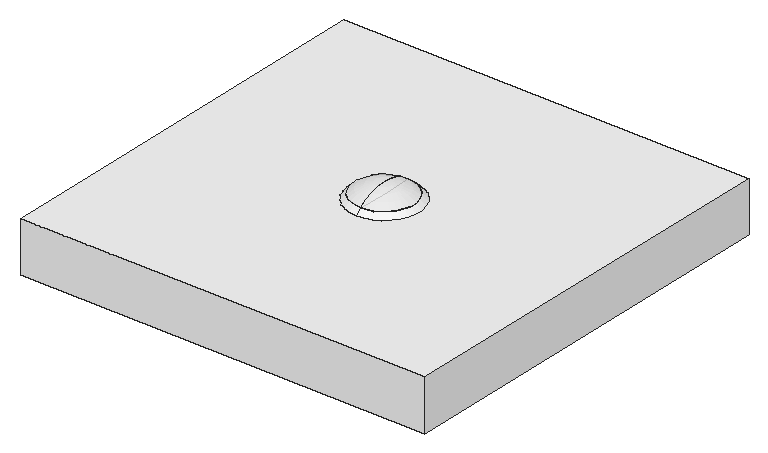
Revit family "Sarlam_Eclairage_Hublot_Chartres_Infini_T2_Diam_420mm_4000Lm", category Luminaires, Revit 2020
Family settings
  Hôte = Face
  Cote de connecteur circulaire = Utiliser le diamètre
  Type d'élément = Normal
  Couper avec des vides une fois chargée = Non
  Source d'éclairage = Oui
  Partagée = Non
  Point de calcul de pièce = Non
Parameters (values of type "ON/OFF BLANC")
  Zone plafond formes 1à7 [instance] = and(not(Diamètre externe = 328 mm), or([Standard Formes 1-3-6]), not([Afficher la zone de détection-pose murale]), [Afficher la zone de détection-pose plafond])  # no
  Zone murale formes 1à7 [instance] = and(not(Diamètre externe = 328 mm), or([Standard Formes 1-3-6]), [Afficher la zone de détection-pose murale], not([Afficher la zone de détection-pose plafond]))  # no
  Zone de détection = ""
  URL = "http://www.legrandoc.com/SL532088"
  Type de variation = "Non régulable"
  Type de tension = "CA"
  Tension nominale (Un) V MIN = 207
  Tension nominale (Un) V MAX = 253
  built-in parameter 1150107 = 3200 (stored number, unit not read)
  Température de couleur K MIN = 4000
  Température de couleur K MAX = 4000
  Standard Formes 1-3-6 = yes
  Source lumineuse = "Led non interchangeable"
  Répartition lumineuse = "Symétrique"
  Puissance du système W = 0
  Puissance de la source lumineuse W = ""
  Puissance de la lampe en Multiwatt = "35/49W"
  Wattage = 9.2903 W
  built-in parameter 1150110 = 1 (stored number, unit not read)
  built-in parameter 1150109 = 1 (stored number, unit not read)
  built-in parameter 1114218 = 1 (stored number, unit not read)
  built-in parameter 1150113 = 1 (stored number, unit not read)
  built-in parameter 1150112 = 1 (stored number, unit not read)
  built-in parameter 1150137 = (empty or 0)
  built-in parameter 1150132 = (empty or 0)
  Modèle = "SL-532088"
  Longueur d'encastrement = 0 mm
  Longueur = 420 mm
  Largeur d'encastrement = 420 mm
  Largeur = 420 mm
  built-in parameter 1150105 = 109.82 (stored number, unit not read)
  built-in parameter 1150102 = (empty or 0)
  Hauteur/profondeur d'encastrement = 0 mm
  Hauteur/profondeur = 90 mm
  Dimming Lamp Color Temperature Shift = (empty or 0)
  Lumens = 1380 lm
  Color Filter = 16777215
  Fichier de distribution photométrique = "SL532088.ies"
  built-in parameter 1114217 = 1 (stored number, unit not read)
  built-in parameter 1150139 = (empty or 0)
  Fabricant = "LEGRAND"
  Emettre à partir du diamètre du cercle = 300 mm
  Emettre la visibilité des formes dans le rendu = no
  built-in parameter 1150104 = 13.8 (stored number, unit not read)
  built-in parameter 1150106 = 1.0982 (stored number, unit not read)
  built-in parameter 1150115 = 1 (stored number, unit not read)
  built-in parameter 1150114 = 1 (stored number, unit not read)
  Diamètre externe = 420 mm
  Diamètre d'encastrement = 0 mm
  Description = "CHARTRES INFINI 4500LM 4000K STANDARD ON/OFF BLANC"
  built-in parameter 1150138 = (empty or 0)
  built-in parameter 1150134 = 3
  Condition Générale d'Utilisation = "https://export.legrand.com/CGU-objets-BIM"
  Angle de l'inclinaison = 0.00°
  Afficher la zone de détection-pose plafond [instance] = no
  Afficher la zone de détection-pose murale [instance] = no
  Matériau du boîtier/corps = Plastique
  Indice de rendu des couleurs CRI = "80-89"
  Indice de protection contre les chocs (IK) = "IK10"
  Indice de protection (IP) = "IP55"
  Flux lumineux utile lm = 4000
  Elévation par défaut = 2500 mm
  Douille = "Sans"
  Courant nominal mA MIN = 0
  Courant nominal mA MAX = 0
  Couleur du boîtier/corps = LEGRAND - Blanc
  Classe de protection = "II"
  Avec détecteur de mouvement = no
  Avec détecteur crépusculaire = no
  Appareillage = "Appareil à LED commandé en courant"
  Angle du faisceau = "Faisceau libre"
  Afficher l'étiquette de zone [instance] = no
  Adapté à une suspension = no
  Adapté à un montage encastré = no
  Adapté à un montage en saillie = yes
  Adapté à un montage en applique = yes
  Adapté à un montage au plafond = yes
  built-in parameter 1150133 = 10 (stored number, unit not read)
Types (2, lengths in mm): name | Zone de détection | URL | Type de variation | Modèle | Description | Avec détecteur de mouvement | Avec détecteur crépusculaire
  ON/OFF BLANC | "" | "http://www.legrandoc.com/SL532088" | "Non régulable" | "SL-532088" | "CHARTRES INFINI 4500LM 4000K STANDARD ON/OFF BLANC" | no | no
  Détection BLANC | "Détection à 2,5m haut Plafond: Ø6m maxi Mur: Ellipse 16*17m" | "http://www.legrandoc.com/SL532089" | "Autre" | "SL-532089" | "CHARTRES INFINI 4500LM 4000K  STANDARD DETECTION HF BLANC" | yes | yes
Reference planes
  plane 1 "Centre (avant/arrière)": y = 0
  plane 2: z = 0
  plane 3 "Centre (gauche/droite)": x = 0
  plane 4: z = 110
Forms (mm)
  Extrusion 1, solid, material "Blanc"
    sketch origin (0, 0, 0) x (1, 0, 0) y (0, 1, 0)
      loop
        line (-1219.2, 1219.2) -> (-1219.2, -1219.2) -> (1219.2, -1219.2) -> (1219.2, 1219.2) -> (-1219.2, 1219.2)
    from 0 to -304.8
Lines and regions (mm)
  model lines, not visible
    curve 1: line (0, 0, 0) -> (0, 0, 2230)
    curve 2: line (0, 0, 0) -> (0, 3300, 0)
    curve 3: line (0, 0, 0) -> (-2620, 0, 0)
Dimensions and locks
  level to plane 4 = 110 mm
  aligned and locked: plane 2 to Extrusion 1
  aligned and locked: level to Extrusion 1
  aligned and locked: imposter light to plane 4
  aligned and locked: plane 3 "Centre (gauche/droite)" to imposter light
Nested families
  nested 1: "Zone de détection murale Chartres-Astreo" at (0, 0, 0) x (0, 0, 1) z (0, -1, 0), visible <- "Afficher la zone de détection-pose murale", type "Zone de détection murale"
  nested 2: "Formes 1-2-3-4-6-7-8-9" at (0, 0, 0), type "Formes"
    with Standard Formes 1-3-6 yes, Fl 90 mm, Dimension hublot 179.2 mm, Diamètre total 420 mm, Courbure 290 mm
  nested 3: "Zone de détection plafond Chartres-Astreo" at (0, 0, 2500), visible <- "Afficher la zone de détection-pose plafond", type "Zone de détection plafond"
    with Zone plafond Formes 8à9 no
  nested 4: "Zone de détection murale Chartres-Astreo" at (0, 0, 0) x (0, 0, 1) z (1, 0, 0), visible <- "Afficher la zone de détection-pose murale", type "Zone de détection murale"
  nested 5: "Etiquette de zone" at (-30, 265, 0) x (-1, 0, 0) z (0, 0, 1), visible <- "Afficher l'étiquette de zone", type "Etiquette de zone"
Connectors
  electrical at (0, 0, 0)
    settings: on nested 2, index 1, voltage 230 V, apparent load 0 VA, apparent load phase1 0 VA, apparent load phase2 0 VA, apparent load phase3 0 VA, power factor 1, load classification "Eclairage", number of poles 1, system type 30, power factor state 1, is connector primary yes, connector utility no, sub classification motor no, connector description ""
Definition of nested family "Formes 1-2-3-4-6-7-8-9"
  Parameters (values of type "Formes")
    Standard Forme 8 = no
    Standard Formes 1-3-6 = no
    Matériau hublot = none
    Matériau corps = none
    Fl = if(Diamètre total < 325 mm, 70 mm, if(Diamètre total = 328 mm, 107 mm, 90 mm))  # 107 mm
    Default Elevation = 0 mm
    Dimension hublot = if(Diamètre total = 300 mm, 121.1 mm, if(Diamètre total = 322 mm, 129.3 mm, if(Diamètre total = 328 mm, 148.6 mm, if(Diamètre total = 420 mm, 179.2 mm, 185.3 mm))))  # 148.6 mm
    Diamètre total = 328 mm
    Courbure = if(Diamètre total = 300 mm, 195.7 mm, if(Diamètre total = 322 mm, 220.2 mm, if(Diamètre total = 328 mm, 179.2 mm, if(Diamètre total = 420 mm, 290 mm, 307.8 mm))))  # 179.2 mm
    Couleur corps = none
    Antivandale Forme 9 = no
    Antivandale Formes 2-4-7 = no
  Reference planes
    plane 1 "Centre (avant/arrière)": y = 0
    plane 2: z = 0
    plane 3 "Centre (gauche/droite)": x = 0
    plane 4: y = 164
    plane 5: y = -164
    plane 6: y = 148.6
  Forms (mm)
    Revolve 1, solid, material <- "Matériau hublot"
      sketch origin (0, 0, 0) x (0, 0, -1) y (0, 1, 0)
        loop
          arc (-28, 148.6) -> (-86.03, 84.151) -> (-107, 0) r 179.2
          line (-107, 0) -> (-28, 0) -> (-28, 148.6)
        axis (-28, 0) -> (-107, 0)
      angle from 0 to 360
  Dimensions and locks
    equal spacing: plane 4, plane 1 "Centre (avant/arrière)", plane 5
    "Diamètre total": plane 4 to plane 5
    equal spacing: plane 5, plane 1 "Centre (avant/arrière)", plane 4
    "Dimension hublot": plane 1 "Centre (avant/arrière)" to plane 6
    "Fl": Revolve 1 sketch curve to plane 2
    "Courbure": radius of Revolve 1 sketch curve
    aligned and locked: level to plane 2
    aligned and locked: plane 6 to Revolve 1 sketch curve
    aligned and locked: plane 2 to nested 2
  Automatic sketch dimensions
    Revolve 1 sketch curve to plane 1 "Centre (avant/arrière)" = 0 mm  (x2)
    level to Revolve 1 sketch curve = 28 mm
    Revolve 1 sketch curve to Revolve 1 sketch curve = 1811.469 mm
    Revolve 1 sketch curve to Revolve 1 sketch curve = 1147.22 mm
  Nested families
    nested 1: "Corps standard Formes 1-3-6" at (0, 0, 0), visible <- "Standard Formes 1-3-6", type "Corps standard Formes 1-3-6"
      with Diamètre 328 mm
    nested 2: "Corps antivandale Formes 2-4-7" at (0, 0, 0), visible <- "Antivandale Formes 2-4-7", type "Corps antivandale Formes 2-4-7"
      with Diamètre 328 mm
    nested 3: "Corps standard Forme 8" at (0, 0, 0), visible <- "Standard Forme 8", type "Corps standard Forme 8"
    nested 4: "Corps antivandale Forme 9" at (0, 0, 0), visible <- "Antivandale Forme 9", type "Corps antivandale Forme 9"
  Definition of nested family "Corps standard Formes 1-3-6"
    Parameters (values of type "Corps standard")
      Matériau corps = none
      Default Elevation = 0 mm
      Couleur corps = none
      Diamètre = 322 mm
      Courbure = if(Diamètre < 400 mm, 195.7 mm, 290 mm)  # 195.7 mm
    Reference planes
      plane 1 "Centre (avant/arrière)": y = 0
      plane 2: z = 0
      plane 3 "Centre (gauche/droite)": x = 0
      plane 4: y = 161
      plane 5: y = -161
      plane 6: z = 28
    Forms (mm)
      Revolve 1, solid, material <- "Couleur corps"
        sketch origin (0, 0, 0) x (0, 0, -1) y (0, 1, 0)
          loop
            line (0, 0) -> (0, 161)
            arc (0, 161) -> (-14.55, 149.906) -> (-28, 137.502) r 195.7
            line (-28, 137.502) -> (-28, 0) -> (0, 0)
          axis (0, 0) -> (-28, 0)
        angle from 0 to 360
    Dimensions and locks
      equal spacing: plane 4, plane 1 "Centre (avant/arrière)", plane 5
      "Diamètre": plane 4 to plane 5
      equal spacing: plane 5, plane 1 "Centre (avant/arrière)", plane 4
      "Courbure": radius of Revolve 1 sketch curve
      aligned and locked: level to plane 2
      aligned and locked: plane 2 to Revolve 1  (x2)
      aligned and locked: Revolve 1 to plane 2
      aligned and locked: plane 6 to Revolve 1
    Automatic sketch dimensions
      Revolve 1 sketch curve to plane 1 "Centre (avant/arrière)" = 0 mm  (x3)
      Revolve 1 sketch curve to plane 6 = 0 mm
      Revolve 1 sketch curve to level = 0 mm
      Revolve 1 sketch curve to plane 4 = 0 mm
      plane 6 to Revolve 1 sketch curve = 1833.51 mm
      Revolve 1 sketch curve to Revolve 1 sketch curve = 1167.217 mm
  Definition of nested family "Corps antivandale Formes 2-4-7"
    Parameters (values of type "Corps antivandale")
      Rayon réseau vis = if(Diamètre < 400 mm, 137.2 mm, 193.2 mm)  # 137.2 mm
      Matériau corps = none
      Default Elevation = 0 mm
      Diamètre = 322 mm
      Courbure = if(Diamètre < 400 mm, 220.2 mm, 307.8 mm)  # 220.2 mm
      Couleur corps = none
    Reference planes
      plane 1 "Centre (avant/arrière)": y = 0
      plane 2: z = 0
      plane 3 "Centre (gauche/droite)": x = 0
      plane 4: y = 161
      plane 5: y = -161
      plane 6: z = 28
      plane 7: through (0, 0, 1200) normal (0.5, 0.866, 0)
      plane 8: through (0, 0, 1200) normal (0.5, -0.866, 0)
    Forms (mm)
      Revolve 1, solid, material <- "Couleur corps"
        sketch origin (0, 0, 0) x (0, 0, -1) y (0, 1, 0)
          loop
            line (0, 0) -> (0, 161)
            arc (0, 161) -> (-14.762, 145.835) -> (-28, 129.323) r 220.2
            line (-28, 129.323) -> (-28, 0) -> (0, 0)
          axis (0, 0) -> (-28, 0)
        angle from 0 to 360
      Extrusion 2, solid, material <- "Couleur corps"
        sketch origin (0, -0.04, 0) x (1, 0, 0) y (0, 1, 0)
          loop
            line (-4, 129.32) -> (-4, 137.3)
            arc (-4, 137.3) -> (0, 141.3) -> (4, 137.3) r 4
            line (4, 137.3) -> (4, 129.32)
            arc (4, 129.32) -> (5, 129.285) -> (6, 129.243) r 129.323
            line (6, 129.243) -> (6, 137.3)
            arc (6, 137.3) -> (0, 143.3) -> (-6, 137.3) r 6
            line (-6, 137.3) -> (-6, 129.243)
            arc (-6, 129.243) -> (-5, 129.285) -> (-4, 129.32) r 129.323
        from 15.189 to 28
      Extrusion 3, solid, material <- "Couleur corps"
        sketch origin (-0.035, 0.02, 0) x (-0.5, -0.866025, 0) y (0.866025, -0.5, 0)
          loop
            line (-4, 129.32) -> (-4, 137.3)
            arc (-4, 137.3) -> (0, 141.3) -> (4, 137.3) r 4
            line (4, 137.3) -> (4, 129.32)
            arc (4, 129.32) -> (5, 129.285) -> (6, 129.243) r 129.323
            line (6, 129.243) -> (6, 137.3)
            arc (6, 137.3) -> (0, 143.3) -> (-6, 137.3) r 6
            line (-6, 137.3) -> (-6, 129.243)
            arc (-6, 129.243) -> (-5, 129.285) -> (-4, 129.32) r 129.323
        from 15.189 to 28
      Extrusion 4, solid, material <- "Couleur corps"
        sketch origin (0.035, 0.02, 0) x (-0.5, 0.866025, 0) y (-0.866025, -0.5, 0)
          loop
            line (-4, 129.32) -> (-4, 137.3)
            arc (-4, 137.3) -> (0, 141.3) -> (4, 137.3) r 4
            line (4, 137.3) -> (4, 129.32)
            arc (4, 129.32) -> (5, 129.285) -> (6, 129.243) r 129.323
            line (6, 129.243) -> (6, 137.3)
            arc (6, 137.3) -> (0, 143.3) -> (-6, 137.3) r 6
            line (-6, 137.3) -> (-6, 129.243)
            arc (-6, 129.243) -> (-5, 129.285) -> (-4, 129.32) r 129.323
        from 15.189 to 28
      Revolve 5, solid
        sketch origin (0, 0.018, -12.656) x (0, 1, 0) y (0, 0, 1)
          loop
            line (136.525, 38.942) -> (136.525, 29.094) -> (136.962, 29.907) -> (137.751, 35.518) -> (140.148, 38.942) -> (136.525, 38.942)
          axis (136.525, 29.094) -> (136.525, 38.942)
        angle from 0 to 360
      Revolve 6, solid
        sketch origin (0.016, -0.009, -12.656) x (0.866025, -0.5, 0) y (0, 0, 1)
          loop
            line (136.525, 38.942) -> (136.525, 29.094) -> (136.962, 29.907) -> (137.751, 35.518) -> (140.148, 38.942) -> (136.525, 38.942)
          axis (136.525, 29.094) -> (136.525, 38.942)
        angle from 0 to 360
      Revolve 7, solid
        sketch origin (-0.016, -0.009, -12.656) x (-0.866025, -0.5, 0) y (0, 0, 1)
          loop
            line (136.525, 38.942) -> (136.525, 29.094) -> (136.962, 29.907) -> (137.751, 35.518) -> (140.148, 38.942) -> (136.525, 38.942)
          axis (136.525, 29.094) -> (136.525, 38.942)
        angle from 0 to 360
    Cuts and joins
      joined: Revolve 1, Extrusion 2
    Lines and regions (mm)
      model lines
        curve 1: line (-2.5, 136.543, 26.285) -> (2.5, 136.543, 26.285)
        curve 2: line (0, 138.995, 26.285) -> (0, 133.995, 26.285)
        curve 3: line (119.5, -66.107, 26.285) -> (117, -70.437, 26.285)
        curve 4: line (120.373, -69.497, 26.285) -> (116.043, -66.997, 26.285)
        curve 5: line (-117, -70.437, 26.285) -> (-119.5, -66.107, 26.285)
        curve 6: line (-120.373, -69.497, 26.285) -> (-116.043, -66.997, 26.285)
    Dimensions and locks
      equal spacing: plane 4, plane 1 "Centre (avant/arrière)", plane 5
      "Diamètre": plane 4 to plane 5
      equal spacing: plane 5, plane 1 "Centre (avant/arrière)", plane 4
      "Courbure": radius of Revolve 1 sketch curve
      "Rayon réseau vis": radius of radial array
      aligned and locked: level to plane 2
      aligned and locked: plane 2 to Revolve 1  (x2)
      aligned and locked: Revolve 1 to plane 2
      aligned and locked: plane 6 to Revolve 1
    Automatic sketch dimensions
      Extrusion 2 sketch curve to Extrusion 2 sketch curve = 0 mm  (x9)
      Extrusion 2 sketch curve to Extrusion 2 sketch curve = 7.98 mm
      Extrusion 2 sketch curve to Extrusion 2 sketch curve = 0.077 mm
      Extrusion 2 sketch curve to Extrusion 2 sketch curve = 2 mm
      Extrusion 2 sketch curve to Extrusion 2 sketch curve = 4 mm
      Extrusion 2 sketch curve to Extrusion 2 sketch curve = 6 mm
      Extrusion 3 sketch curve to Extrusion 3 sketch curve = 0 mm  (x9)
      Extrusion 3 sketch curve to Extrusion 3 sketch curve = 7.98 mm
      Extrusion 3 sketch curve to Extrusion 3 sketch curve = 0.077 mm
      Extrusion 3 sketch curve to Extrusion 3 sketch curve = 2 mm
      Extrusion 3 sketch curve to Extrusion 3 sketch curve = 4 mm
      Extrusion 3 sketch curve to Extrusion 3 sketch curve = 6 mm
      Extrusion 4 sketch curve to Extrusion 4 sketch curve = 0 mm  (x9)
      Extrusion 4 sketch curve to Extrusion 4 sketch curve = 7.98 mm
      Extrusion 4 sketch curve to Extrusion 4 sketch curve = 0.077 mm
      Extrusion 4 sketch curve to Extrusion 4 sketch curve = 2 mm
      Extrusion 4 sketch curve to Extrusion 4 sketch curve = 4 mm
      Extrusion 4 sketch curve to Extrusion 4 sketch curve = 6 mm
      Revolve 7 sketch curve to Revolve 7 sketch curve = 0.437 mm  (x2)
      Revolve 7 sketch curve to Revolve 7 sketch curve = 1.226 mm  (x2)
      Revolve 7 sketch curve to Revolve 7 sketch curve = 2.397 mm
      Revolve 7 sketch curve to Revolve 7 sketch curve = 0.813 mm  (x2)
      Revolve 7 sketch curve to Revolve 7 sketch curve = 5.611 mm  (x2)
      Revolve 7 sketch curve to Revolve 7 sketch curve = 3.424 mm  (x2)
      Revolve 7 sketch curve to Revolve 7 sketch curve = 0 mm  (x2)
      Revolve 7 sketch curve to Revolve 7 sketch curve = 0.975 mm
      Revolve 7 sketch curve to Revolve 7 sketch curve = 3.281 mm  (x2)
      Revolve 5 sketch curve to Revolve 5 sketch curve = 0.437 mm  (x2)
      Revolve 5 sketch curve to Revolve 5 sketch curve = 1.226 mm  (x2)
      Revolve 5 sketch curve to Revolve 5 sketch curve = 3.623 mm
      Revolve 5 sketch curve to Revolve 5 sketch curve = 5.611 mm  (x2)
      Revolve 5 sketch curve to Revolve 5 sketch curve = 3.424 mm  (x2)
      Revolve 5 sketch curve to Revolve 5 sketch curve = 0 mm  (x2)
      Revolve 5 sketch curve to Revolve 5 sketch curve = 0.813 mm  (x2)
      Revolve 5 sketch curve to Revolve 5 sketch curve = 0.162 mm
      Revolve 5 sketch curve to Revolve 5 sketch curve = 3.281 mm  (x2)
      Revolve 6 sketch curve to Revolve 6 sketch curve = 0.437 mm  (x2)
      Revolve 6 sketch curve to Revolve 6 sketch curve = 1.226 mm  (x2)
      Revolve 6 sketch curve to Revolve 6 sketch curve = 3.623 mm
      Revolve 6 sketch curve to Revolve 6 sketch curve = 5.611 mm  (x2)
      Revolve 6 sketch curve to Revolve 6 sketch curve = 3.424 mm  (x2)
      Revolve 6 sketch curve to Revolve 6 sketch curve = 0 mm  (x2)
      Revolve 6 sketch curve to Revolve 6 sketch curve = 0.813 mm  (x2)
      Revolve 6 sketch curve to Revolve 6 sketch curve = 0.162 mm
      Revolve 6 sketch curve to Revolve 6 sketch curve = 3.281 mm  (x2)
      Revolve 7 sketch curve to Revolve 7 sketch curve = 3.623 mm
      Revolve 7 sketch curve to Revolve 7 sketch curve = 0.162 mm
      curve 2 to Revolve 5 = 0 mm
      curve 2 to curve 1 = 2.548 mm
      curve 1 to curve 2 = 2.452 mm
      Revolve 5 to curve 1 = 2.5 mm
      curve 1 to Revolve 5 = 2.5 mm
      curve 4 to Revolve 6 = 0 mm
      curve 4 to curve 3 = 2.548 mm
      curve 3 to curve 4 = 2.452 mm
      Revolve 6 to curve 3 = 2.5 mm
      curve 3 to Revolve 6 = 2.5 mm
      curve 6 to Revolve 7 = 0 mm
      curve 6 to curve 5 = 2.548 mm
      curve 5 to curve 6 = 2.452 mm
      Revolve 7 to curve 5 = 2.5 mm
      curve 5 to Revolve 7 = 2.5 mm
      Revolve 5 sketch curve to Revolve 5 sketch curve = 2.397 mm
      Revolve 5 sketch curve to Revolve 5 sketch curve = 0.975 mm
      Revolve 6 sketch curve to Revolve 6 sketch curve = 2.397 mm
      Revolve 6 sketch curve to Revolve 6 sketch curve = 0.975 mm
      Revolve 1 sketch curve to plane 1 "Centre (avant/arrière)" = 0 mm  (x3)
      Revolve 1 sketch curve to plane 6 = 0 mm
      Revolve 1 sketch curve to level = 0 mm
      Revolve 1 sketch curve to plane 4 = 0 mm
      plane 6 to Revolve 1 sketch curve = 1833.51 mm
      Revolve 1 sketch curve to Revolve 1 sketch curve = 1128.321 mm
  Definition of nested family "Corps standard Forme 8"
    Parameters (values of type "Corps standard Forme 8")
      Matériau corps = none
      Default Elevation = 0 mm
      Couleur corps = none
      Diamètre = 328 mm
    Reference planes
      plane 1 "Centre (avant/arrière)": y = 0
      plane 2: z = 0
      plane 3 "Centre (gauche/droite)": x = 0
      plane 4: y = 164
      plane 5: y = -164
      plane 6: z = 28
      plane 7: y = 7.5
      plane 8: y = -7.5
    Forms (mm)
      Revolve 1, solid, material <- "Couleur corps"
        sketch origin (0, 0, 0) x (0, 0, -1) y (0, 1, 0)
          loop
            line (0, 0) -> (0, 164)
            arc (0, 164) -> (-14.345, 156.905) -> (-28, 148.559) r 179.182
            line (-28, 148.559) -> (-28, 0) -> (0, 0)
          axis (0, 0) -> (-28, 0)
        angle from 0 to 360
      Sweep 2, void
        path origin (0, 0, 0) x (1, 0, 0) y (0, 1, 0)
          loop
            arc (153.049, 7.5) -> (0, 153.232) -> (-153.049, 7.5) r 153.232
        profile origin (0, 153.232, 0) x (0, -1, 0) y (0, 0, 1)
          loop
            line (-5.469, 6.213) -> (-10.469, 16.465) -> (-10.469, 6.213) -> (-5.469, 6.213)
      Sweep 3, void
        path origin (0, 0, 0) x (1, 0, 0) y (0, 1, 0)
          loop
            arc (153.049, 7.5) -> (0, 153.232) -> (-153.049, 7.5) r 153.232
        profile origin (0, 153.232, 0) x (0, -1, 0) y (0, 0, 1)
          loop
            line (-1.643, 13.471) -> (-6.643, 23.723) -> (-6.643, 13.471) -> (-1.643, 13.471)
      Sweep 4, void
        path origin (0, 0, 0) x (1, 0, 0) y (0, -1, 0)
          loop
            arc (153.049, 7.5) -> (0, 153.232) -> (-153.049, 7.5) r 153.232
        profile origin (0, -153.232, 0) x (0, -1, 0) y (0, 0, 1)
          loop
            line (1.643, 13.471) -> (6.643, 13.471) -> (6.643, 23.723) -> (1.643, 13.471)
      Sweep 5, void
        path origin (0, 0, 0) x (1, 0, 0) y (0, -1, 0)
          loop
            arc (153.049, 7.5) -> (0, 153.232) -> (-153.049, 7.5) r 153.232
        profile origin (0, -153.232, 0) x (0, -1, 0) y (0, 0, 1)
          loop
            line (5.469, 6.213) -> (10.469, 6.213) -> (10.469, 16.465) -> (5.469, 6.213)
    Cuts and joins
      Sweep 2, Sweep 3, Sweep 4, Sweep 5 cuts Revolve 1
    Dimensions and locks
      equal spacing: plane 4, plane 1 "Centre (avant/arrière)", plane 5
      "Diamètre": plane 4 to plane 5
      equal spacing: plane 5, plane 1 "Centre (avant/arrière)", plane 4
      aligned and locked: level to plane 2
      aligned and locked: plane 2 to Revolve 1  (x2)
      aligned and locked: Revolve 1 to plane 2
      aligned and locked: plane 6 to Revolve 1
    Automatic sketch dimensions
      Sweep 2 sketch curve to plane 7 = 0 mm  (x2)
      plane 1 "Centre (avant/arrière)" to Sweep 2 sketch curve = 0 mm
      Sweep 2 sketch curve to plane 3 "Centre (gauche/droite)" = 0 mm
      Sweep 2 sketch curve to plane 3 "Centre (gauche/droite)" = 153.049 mm
      Sweep 3 sketch curve to plane 7 = 0 mm  (x2)
      plane 1 "Centre (avant/arrière)" to Sweep 3 sketch curve = 0 mm
      Sweep 3 sketch curve to plane 3 "Centre (gauche/droite)" = 0 mm
      Sweep 3 sketch curve to plane 3 "Centre (gauche/droite)" = 153.049 mm
      Sweep 4 sketch curve to plane 8 = 0 mm  (x2)
      plane 1 "Centre (avant/arrière)" to Sweep 4 sketch curve = 0 mm
      Sweep 4 sketch curve to plane 3 "Centre (gauche/droite)" = 0 mm
      plane 3 "Centre (gauche/droite)" to Sweep 4 sketch curve = 153.049 mm
      Sweep 5 sketch curve to plane 8 = 0 mm  (x2)
      plane 1 "Centre (avant/arrière)" to Sweep 5 sketch curve = 0 mm
      Sweep 5 sketch curve to plane 3 "Centre (gauche/droite)" = 0 mm
      plane 3 "Centre (gauche/droite)" to Sweep 5 sketch curve = 153.049 mm
      Revolve 1 sketch curve to plane 1 "Centre (avant/arrière)" = 0 mm  (x3)
      Revolve 1 sketch curve to plane 6 = 0 mm
      Revolve 1 sketch curve to level = 0 mm
      Revolve 1 sketch curve to plane 4 = 0 mm
      Revolve 1 sketch curve to Revolve 1 sketch curve = 72.182 mm
      plane 6 to Revolve 1 sketch curve = 1833.51 mm
      Revolve 1 sketch curve to Revolve 1 sketch curve = 1201.817 mm
      profile plane to Sweep 2 sketch curve = 10.469 mm
      Sweep 2 sketch curve to Sweep 2 sketch curve = 5 mm
      level to Sweep 2 sketch curve = 6.213 mm
      Sweep 2 sketch curve to Sweep 2 sketch curve = 10.252 mm
      profile plane to Sweep 3 sketch curve = 6.643 mm
      profile plane to Sweep 3 sketch curve = 1.643 mm
      level to Sweep 3 sketch curve = 13.471 mm
      Sweep 3 sketch curve to Sweep 3 sketch curve = 10.252 mm
      Sweep 4 sketch curve to profile plane = 1.643 mm
      Sweep 4 sketch curve to profile plane = 6.643 mm
      level to Sweep 4 sketch curve = 13.471 mm
      Sweep 4 sketch curve to Sweep 4 sketch curve = 10.252 mm
      Sweep 5 sketch curve to profile plane = 5.469 mm
      Sweep 5 sketch curve to profile plane = 10.469 mm
      level to Sweep 5 sketch curve = 6.213 mm
      Sweep 5 sketch curve to Sweep 5 sketch curve = 10.252 mm
  Definition of nested family "Corps antivandale Forme 9"
    Parameters (values of type "Corps antivandale Forme 9")
      Matériau corps = none
      Default Elevation = 0 mm
      Couleur corps = none
      Diamètre = 328 mm
    Reference planes
      plane 1 "Centre (avant/arrière)": y = 0
      plane 2: z = 0
      plane 3 "Centre (gauche/droite)": x = 0
      plane 4: y = 164
      plane 5: y = -164
      plane 6: z = 28
      plane 7: y = 7.5
      plane 8: y = -7.5
    Forms (mm)
      Revolve 1, solid, material <- "Couleur corps"
        sketch origin (0, 0, 0) x (0, 0, -1) y (0, 1, 0)
          loop
            line (0, 0) -> (0, 164)
            arc (0, 164) -> (-14.345, 156.905) -> (-28, 148.559) r 179.182
            line (-28, 148.559) -> (-28, 0) -> (0, 0)
          axis (0, 0) -> (-28, 0)
        angle from 0 to 360
      Extrusion 2, void
        sketch origin (-1.406, 0, 0) x (1, 0, 0) y (0, 1, 0)
          loop
            circle (157.486, 0) r 5
        from 5.665 to 28
      Sweep 3, void
        path origin (0, 0, 0) x (1, 0, 0) y (0, 1, 0)
          loop
            arc (153.049, 7.5) -> (0, 153.232) -> (-153.049, 7.5) r 153.232
        profile origin (0, 153.232, 0) x (0, -1, 0) y (0, 0, 1)
          loop
            line (-5.469, 6.213) -> (-10.469, 16.465) -> (-10.469, 6.213) -> (-5.469, 6.213)
      Extrusion 4, void
        sketch origin (1.406, 0, 0) x (-1, 0, 0) y (0, -1, 0)
          loop
            circle (157.486, 0) r 5
        from 5.665 to 28
      Sweep 5, void
        path origin (0, 0, 0) x (1, 0, 0) y (0, 1, 0)
          loop
            arc (153.049, 7.5) -> (0, 153.232) -> (-153.049, 7.5) r 153.232
        profile origin (0, 153.232, 0) x (0, -1, 0) y (0, 0, 1)
          loop
            line (-1.643, 13.471) -> (-6.643, 23.723) -> (-6.643, 13.471) -> (-1.643, 13.471)
      Sweep 6, void
        path origin (0, 0, 0) x (1, 0, 0) y (0, -1, 0)
          loop
            arc (153.049, 7.5) -> (0, 153.232) -> (-153.049, 7.5) r 153.232
        profile origin (0, -153.232, 0) x (0, -1, 0) y (0, 0, 1)
          loop
            line (1.643, 13.471) -> (6.643, 13.471) -> (6.643, 23.723) -> (1.643, 13.471)
      Sweep 7, void
        path origin (0, 0, 0) x (1, 0, 0) y (0, -1, 0)
          loop
            arc (153.049, 7.5) -> (0, 153.232) -> (-153.049, 7.5) r 153.232
        profile origin (0, -153.232, 0) x (0, -1, 0) y (0, 0, 1)
          loop
            line (5.469, 6.213) -> (10.469, 6.213) -> (10.469, 16.465) -> (5.469, 6.213)
      Revolve 8, solid
        sketch origin (-156.149, -136.533, -30.469) x (0, 1, 0) y (0, 0, 1)
          loop
            line (136.525, 38.942) -> (136.525, 31.651) -> (137.319, 32.445) -> (137.923, 36.741) -> (139.106, 38.942) -> (136.525, 38.942)
          axis (136.525, 31.651) -> (136.525, 38.942)
        angle from 0 to 360
      Revolve 9, solid
        sketch origin (156.149, -136.533, -30.469) x (0, 1, 0) y (0, 0, -1)
          loop
            line (136.525, -38.942) -> (139.106, -38.942) -> (137.923, -36.741) -> (137.319, -32.445) -> (136.525, -31.651) -> (136.525, -38.942)
          axis (136.525, -31.651) -> (136.525, -38.942)
        angle from 0 to 360
    Cuts and joins
      Extrusion 2, Sweep 3, Extrusion 4, Sweep 5, Sweep 6, Sweep 7 cuts Revolve 1
    Lines and regions (mm)
      model lines
        curve 1: line (-156.149, 1.39, 8.473) -> (-156.149, -1.406, 8.473)
        curve 2: line (-157.503, 0, 8.473) -> (-154.615, 0, 8.473)
        curve 3: line (156.149, 1.39, 8.473) -> (156.149, -1.406, 8.473)
        curve 4: line (157.503, 0, 8.473) -> (154.615, 0, 8.473)
    Dimensions and locks
      equal spacing: plane 4, plane 1 "Centre (avant/arrière)", plane 5
      "Diamètre": plane 4 to plane 5
      equal spacing: plane 5, plane 1 "Centre (avant/arrière)", plane 4
      aligned and locked: level to plane 2
      aligned and locked: plane 2 to Revolve 1  (x2)
      aligned and locked: Revolve 1 to plane 2
      aligned and locked: plane 6 to Revolve 1
    Automatic sketch dimensions
      plane 1 "Centre (avant/arrière)" to Extrusion 2 sketch curve = 0 mm
      plane 3 "Centre (gauche/droite)" to Extrusion 2 sketch curve = 156.08 mm
      Sweep 3 sketch curve to plane 7 = 0 mm  (x2)
      plane 1 "Centre (avant/arrière)" to Sweep 3 sketch curve = 0 mm
      Sweep 3 sketch curve to plane 3 "Centre (gauche/droite)" = 0 mm
      Sweep 3 sketch curve to plane 3 "Centre (gauche/droite)" = 153.049 mm
      plane 1 "Centre (avant/arrière)" to Extrusion 4 sketch curve = 0 mm
      plane 3 "Centre (gauche/droite)" to Extrusion 4 sketch curve = 156.08 mm
      Sweep 5 sketch curve to plane 7 = 0 mm  (x2)
      plane 1 "Centre (avant/arrière)" to Sweep 5 sketch curve = 0 mm
      Sweep 5 sketch curve to plane 3 "Centre (gauche/droite)" = 0 mm
      Sweep 5 sketch curve to plane 3 "Centre (gauche/droite)" = 153.049 mm
      Sweep 6 sketch curve to plane 8 = 0 mm  (x2)
      plane 1 "Centre (avant/arrière)" to Sweep 6 sketch curve = 0 mm
      Sweep 6 sketch curve to plane 3 "Centre (gauche/droite)" = 0 mm
      plane 3 "Centre (gauche/droite)" to Sweep 6 sketch curve = 153.049 mm
      Sweep 7 sketch curve to plane 8 = 0 mm  (x2)
      plane 1 "Centre (avant/arrière)" to Sweep 7 sketch curve = 0 mm
      Sweep 7 sketch curve to plane 3 "Centre (gauche/droite)" = 0 mm
      plane 3 "Centre (gauche/droite)" to Sweep 7 sketch curve = 153.049 mm
      Revolve 1 sketch curve to plane 1 "Centre (avant/arrière)" = 0 mm  (x3)
      Revolve 1 sketch curve to plane 6 = 0 mm
      Revolve 1 sketch curve to level = 0 mm
      Revolve 1 sketch curve to plane 4 = 0 mm
      Revolve 1 sketch curve to Revolve 1 sketch curve = 72.182 mm
      plane 6 to Revolve 1 sketch curve = 1833.51 mm
      Revolve 1 sketch curve to Revolve 1 sketch curve = 1201.817 mm
      profile plane to Sweep 3 sketch curve = 10.469 mm
      Sweep 3 sketch curve to Sweep 3 sketch curve = 5 mm
      level to Sweep 3 sketch curve = 6.213 mm
      Sweep 3 sketch curve to Sweep 3 sketch curve = 10.252 mm
      profile plane to Sweep 5 sketch curve = 6.643 mm
      profile plane to Sweep 5 sketch curve = 1.643 mm
      level to Sweep 5 sketch curve = 13.471 mm
      Sweep 5 sketch curve to Sweep 5 sketch curve = 10.252 mm
      Sweep 6 sketch curve to profile plane = 1.643 mm
      Sweep 6 sketch curve to profile plane = 6.643 mm
      level to Sweep 6 sketch curve = 13.471 mm
      Sweep 6 sketch curve to Sweep 6 sketch curve = 10.252 mm
      Sweep 7 sketch curve to profile plane = 5.469 mm
      Sweep 7 sketch curve to profile plane = 10.469 mm
      level to Sweep 7 sketch curve = 6.213 mm
      Sweep 7 sketch curve to Sweep 7 sketch curve = 10.252 mm
      plane 1 "Centre (avant/arrière)" to Revolve 8 sketch curve = 0.008 mm  (x2)
      Revolve 8 sketch curve to plane 1 "Centre (avant/arrière)" = 0.786 mm
      Revolve 8 sketch curve to plane 1 "Centre (avant/arrière)" = 1.39 mm
      Revolve 8 sketch curve to Revolve 8 sketch curve = 1.183 mm
      level to Revolve 8 sketch curve = 1.183 mm
      Revolve 8 sketch curve to Revolve 8 sketch curve = 0.794 mm
      Revolve 8 sketch curve to Revolve 8 sketch curve = 4.296 mm
      Revolve 8 sketch curve to Revolve 8 sketch curve = 2.201 mm
      Revolve 8 sketch curve to level = 0.4 mm
      Revolve 8 sketch curve to Revolve 8 sketch curve = 3.281 mm
      plane 1 "Centre (avant/arrière)" to Revolve 9 sketch curve = 0.008 mm  (x2)
      Revolve 9 sketch curve to plane 1 "Centre (avant/arrière)" = 0.786 mm
      Revolve 9 sketch curve to plane 1 "Centre (avant/arrière)" = 1.39 mm
      Revolve 9 sketch curve to Revolve 9 sketch curve = 1.183 mm
      level to Revolve 9 sketch curve = 8.473 mm
      Revolve 9 sketch curve to Revolve 9 sketch curve = 2.201 mm
      level to Revolve 9 sketch curve = 1.977 mm
      Revolve 9 sketch curve to Revolve 9 sketch curve = 0.794 mm
      Revolve 9 sketch curve to Revolve 9 sketch curve = 3.281 mm
      Revolve 9 sketch curve to level = 0.4 mm
      curve 1 to Revolve 8 = 0 mm
      curve 1 to curve 3 = 0 mm
      curve 1 to curve 2 = 1.406 mm
      curve 3 to curve 4 = 1.406 mm
      curve 4 to curve 3 = 1.39 mm
      curve 2 to curve 1 = 1.39 mm
      Revolve 8 to curve 2 = 1.534 mm
      curve 4 to curve 2 = 309.23 mm
      curve 3 to curve 4 = 1.534 mm
      curve 4 to curve 3 = 1.354 mm
      curve 2 to Revolve 8 = 1.354 mm
      radius of Extrusion 2 sketch curve = 5 mm
      radius of Extrusion 4 sketch curve = 5 mm
Definition of nested family "Zone de détection murale Chartres-Astreo"
  Parameters (values of type "Zone de détection murale")
    Zone murale Formes 8à9 = no
    Zone murale Formes 1à7 = no
  Reference planes
    plane 1 "Centre (avant/arrière)": y = 0
    plane 2: z = 0
    plane 3 "Centre (gauche/droite)": x = 0
    plane 4: x = 3500
    plane 5: y = 1000
    plane 6: x = 10000
    plane 7: y = 3500
    plane 8: x = 13000
    plane 9: y = 4000
    plane 10: x = 17000
    plane 11: y = 8000
    plane 12: x = 6000
    plane 13: x = 8000
  Lines and regions (mm)
    detail lines, in view "Niveau de réf.", visible <- "Zone murale Formes 1à7"
      curve 1: spline (0, 0, 0) -> (59.63, 258.819, 0) -> (234.456, 500, 0) -> (512.563, 707.107, 0) -> (875, 866.025, 0) -> (1297.067, 965.926, 0) -> (1750, 1000, 0) -> (2202.933, 965.926, 0) -> (2625, 866.025, 0) -> (2987.437, 707.107, 0) -> (3265.544, 500, 0) -> (3440.37, 258.819, 0) -> (3500, 0, 0) -> (3440.37, -258.819, 0) -> (3265.544, -500, 0) -> (2987.437, -707.107, 0) -> (2625, -866.025, 0) -> (2202.933, -965.926, 0) -> (1750, -1000, 0) -> (1297.067, -965.926, 0) -> (875, -866.025, 0) -> (512.563, -707.107, 0) -> (234.456, -500, 0) -> (59.63, -258.819, 0) -> (0, 0, 0)
      curve 2: spline (0, 0, 0) -> (170.371, 905.867, 0) -> (669.873, 1750, 0) -> (1464.466, 2474.874, 0) -> (2500, 3031.089, 0) -> (3705.905, 3380.74, 0) -> (5000, 3500, 0) -> (6294.095, 3380.74, 0) -> (7500, 3031.089, 0) -> (8535.534, 2474.874, 0) -> (9330.127, 1750, 0) -> (9829.629, 905.867, 0) -> (10000, 0, 0) -> (9829.629, -905.867, 0) -> (9330.127, -1750, 0) -> (8535.534, -2474.874, 0) -> (7500, -3031.089, 0) -> (6294.095, -3380.74, 0) -> (5000, -3500, 0) -> (3705.905, -3380.74, 0) -> (2500, -3031.089, 0) -> (1464.466, -2474.874, 0) -> (669.873, -1750, 0) -> (170.371, -905.867, 0) -> (0, 0, 0)
      curve 3: spline (0, 0, 0) -> (221.482, 1035.276, 0) -> (870.835, 2000, 0) -> (1903.806, 2828.427, 0) -> (3250, 3464.102, 0) -> (4817.676, 3863.703, 0) -> (6500, 4000, 0) -> (8182.324, 3863.703, 0) -> (9750, 3464.102, 0) -> (11096.194, 2828.427, 0) -> (12129.165, 2000, 0) -> (12778.518, 1035.276, 0) -> (13000, 0, 0) -> (12778.518, -1035.276, 0) -> (12129.165, -2000, 0) -> (11096.194, -2828.427, 0) -> (9750, -3464.102, 0) -> (8182.324, -3863.703, 0) -> (6500, -4000, 0) -> (4817.676, -3863.703, 0) -> (3250, -3464.102, 0) -> (1903.806, -2828.427, 0) -> (870.835, -2000, 0) -> (221.482, -1035.276, 0) -> (0, 0, 0)
      curve 4: spline (0, 0, 0) -> (289.63, 2070.552, 0) -> (1138.784, 4000, 0) -> (2489.592, 5656.854, 0) -> (4250, 6928.203, 0) -> (6300.038, 7727.407, 0) -> (8500, 8000, 0) -> (10699.962, 7727.407, 0) -> (12750, 6928.203, 0) -> (14510.408, 5656.854, 0) -> (15861.216, 4000, 0) -> (16710.37, 2070.552, 0) -> (17000, 0, 0) -> (16710.37, -2070.552, 0) -> (15861.216, -4000, 0) -> (14510.408, -5656.854, 0) -> (12750, -6928.203, 0) -> (10699.962, -7727.407, 0) -> (8500, -8000, 0) -> (6300.038, -7727.407, 0) -> (4250, -6928.203, 0) -> (2489.592, -5656.854, 0) -> (1138.784, -4000, 0) -> (289.63, -2070.552, 0) -> (0, 0, 0)
    detail lines, in view "Niveau de réf.", visible <- "Zone murale Formes 8à9"
      curve 5: spline (0, 0, 0) -> (102.223, 258.819, 0) -> (401.924, 500, 0) -> (878.68, 707.107, 0) -> (1500, 866.025, 0) -> (2223.543, 965.926, 0) -> (3000, 1000, 0) -> (3776.457, 965.926, 0) -> (4500, 866.025, 0) -> (5121.32, 707.107, 0) -> (5598.076, 500, 0) -> (5897.777, 258.819, 0) -> (6000, 0, 0) -> (5897.777, -258.819, 0) -> (5598.076, -500, 0) -> (5121.32, -707.107, 0) -> (4500, -866.025, 0) -> (3776.457, -965.926, 0) -> (3000, -1000, 0) -> (2223.543, -965.926, 0) -> (1500, -866.025, 0) -> (878.68, -707.107, 0) -> (401.924, -500, 0) -> (102.223, -258.819, 0) -> (0, 0, 0)
      curve 6: spline (0, 0, 0) -> (136.297, 647.048, 0) -> (535.898, 1250, 0) -> (1171.573, 1767.767, 0) -> (2000, 2165.064, 0) -> (2964.724, 2414.815, 0) -> (4000, 2500, 0) -> (5035.276, 2414.815, 0) -> (6000, 2165.064, 0) -> (6828.427, 1767.767, 0) -> (7464.102, 1250, 0) -> (7863.703, 647.048, 0) -> (8000, 0, 0) -> (7863.703, -647.048, 0) -> (7464.102, -1250, 0) -> (6828.427, -1767.767, 0) -> (6000, -2165.064, 0) -> (5035.276, -2414.815, 0) -> (4000, -2500, 0) -> (2964.724, -2414.815, 0) -> (2000, -2165.064, 0) -> (1171.573, -1767.767, 0) -> (535.898, -1250, 0) -> (136.297, -647.048, 0) -> (0, 0, 0)
      curve 7: spline (0, 0, 0) -> (170.371, 1035.276, 0) -> (669.873, 2000, 0) -> (1464.466, 2828.427, 0) -> (2500, 3464.102, 0) -> (3705.905, 3863.703, 0) -> (5000, 4000, 0) -> (6294.095, 3863.703, 0) -> (7500, 3464.102, 0) -> (8535.534, 2828.427, 0) -> (9330.127, 2000, 0) -> (9829.629, 1035.276, 0) -> (10000, 0, 0) -> (9829.629, -1035.276, 0) -> (9330.127, -2000, 0) -> (8535.534, -2828.427, 0) -> (7500, -3464.102, 0) -> (6294.095, -3863.703, 0) -> (5000, -4000, 0) -> (3705.905, -3863.703, 0) -> (2500, -3464.102, 0) -> (1464.466, -2828.427, 0) -> (669.873, -2000, 0) -> (170.371, -1035.276, 0) -> (0, 0, 0)
  Dimensions and locks
    plane 3 "Centre (gauche/droite)" to plane 4 = 3500 mm
    plane 1 "Centre (avant/arrière)" to plane 5 = 1000 mm
    plane 3 "Centre (gauche/droite)" to plane 6 = 10000 mm
    plane 7 to plane 1 "Centre (avant/arrière)" = 3500 mm
    plane 3 "Centre (gauche/droite)" to plane 8 = 13000 mm
    plane 1 "Centre (avant/arrière)" to plane 9 = 4000 mm
    plane 3 "Centre (gauche/droite)" to plane 10 = 17000 mm
    plane 1 "Centre (avant/arrière)" to plane 11 = 8000 mm
    plane 3 "Centre (gauche/droite)" to plane 12 = 6000 mm
    plane 3 "Centre (gauche/droite)" to plane 13 = 8000 mm
Definition of nested family "Zone de détection plafond Chartres-Astreo"
  Parameters (values of type "Zone de détection plafond")
    Zone plafond Formes 8à9 = yes
    Zone plafond Formes 1à7 = no
  Reference planes
    plane 1 "Centre (avant/arrière)": y = 0
    plane 2: z = 0
    plane 3 "Centre (gauche/droite)": x = 0
  Lines and regions (mm)
    detail lines, in view "Niveau de réf.", visible <- "Zone plafond Formes 1à7"
      curve 1: circle (0, 0, 0) r 500 normal (0, 0, 1)
      curve 2: circle (0, 0, 0) r 1000 normal (0, 0, 1)
      curve 3: circle (0, 0, 0) r 2000 normal (0, 0, 1)
      curve 4: circle (0, 0, 0) r 3000 normal (0, 0, 1)
    detail lines, in view "Niveau de réf.", visible <- "Zone plafond Formes 8à9"
      curve 5: circle (0, 0, 0) r 1500 normal (0, 0, 1)
      curve 6: circle (0, 0, 0) r 4000 normal (0, 0, 1)
      curve 7: circle (0, 0, 0) r 6000 normal (0, 0, 1)
Definition of nested family "Etiquette de zone"
  Parameters (values of type "Etiquette de zone")
    Etiquette de zone = ""
  Reference planes
    plane 1: y = 0
    plane 2: x = 0
  Text (mm)
    label "Etiquette de zone" at (0.013, -4.46, 0), shows "Etiquette de zone"
